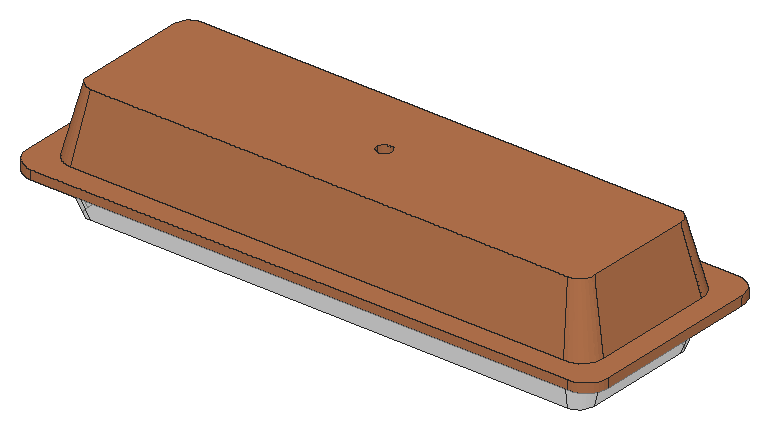
Revit family "E2_Surface Mounted Non-Maintain Emergency", category Lighting Fixtures, Revit 2013
Parameters
  Wattage = 12.1178 W
  built-in parameter 1150110 = 1 (stored number, unit not read)
  built-in parameter 1114217 = 1 (stored number, unit not read)
  Top Dia [instance] = 200 mm
  built-in parameter 1150109 = 1 (stored number, unit not read)
  built-in parameter 1150134 = 3
  built-in parameter 1150113 = 1 (stored number, unit not read)
  Outer Dia [instance] = 200 mm
  Model = "Day-Lite Surface Mounted"
  Manufacturer = "EMERGI-LITE"
  built-in parameter 1150105 = 143.24 (stored number, unit not read)
  Lumens = 1800 lm
  built-in parameter 1150115 = 1 (stored number, unit not read)
  Lt = Whitecroft Lighting_Polycarbonate
  Load Classification = Ltg
  Light Type [instance] = "E2"
  Light Source Symbol Size = 400 mm
  built-in parameter 1150137 = (empty or 0)
  built-in parameter 1150139 = (empty or 0)
  built-in parameter 1150112 = 1 (stored number, unit not read)
  built-in parameter 1150114 = 1 (stored number, unit not read)
  Lamp = "1x8W"
  built-in parameter 1150132 = 2
  built-in parameter 1150102 = (empty or 0)
  built-in parameter 1150107 = 3200 (stored number, unit not read)
  built-in parameter 1150138 = (empty or 0)
  built-in parameter 1150106 = 1.4324 (stored number, unit not read)
  Height = 203.2 mm
  Finish = none
  Emit from Line Length = 300 mm
  built-in parameter 1150104 = 13.8 (stored number, unit not read)
  Dimming Lamp Color Temperature Shift = <None>
  Radius = 50.8 mm
  Color Filter = 16777215
  Bottom Dia [instance] = 199.505 mm
  built-in parameter 1114218 = 1 (stored number, unit not read)
  built-in parameter 1150133 = 10 (stored number, unit not read)
  Assembly Code = ""
  Apparent Load = 8 W
Reference planes
  plane 1 "Light Source Axis (F/B)": y = 0
  plane 2: z = 0
  plane 3 "Light Source Axis (L/R)": x = 3.349
  plane 4 "Light Source Elevation": z = 0
  plane 5 "Bot": z = -79
  plane 6 "Mid": z = -44
  plane 7: z = -50
  plane 8: y = 71
  plane 9: y = -71
  plane 10: y = 56
  plane 11: y = -56
  plane 12: x = -191.651
  plane 13: x = 198.349
  plane 14: x = -176.651
  plane 15: x = 183.349
Forms (mm)
  Extrusion 1, solid, material "Light Body"
    sketch origin (0, 0, -44) x (-1, 0, 0) y (0, -1, 0)
      loop
        line (176.651, 71) -> (-183.349, 71)
        arc (-183.349, 71) -> (-193.956, 66.607) -> (-198.349, 56) r 15
        line (-198.349, 56) -> (-198.349, -56)
        arc (-198.349, -56) -> (-193.956, -66.607) -> (-183.349, -71) r 15
        line (-183.349, -71) -> (176.651, -71)
        arc (176.651, -71) -> (187.258, -66.607) -> (191.651, -56) r 15
        line (191.651, -56) -> (191.651, 56)
        arc (191.651, 56) -> (187.258, 66.607) -> (176.651, 71) r 15
    from 0 to -6
  Blend 2, solid, material "Light Body"
    base sketch origin (0, 0, -44) x (-1, 0, 0) y (0, -1, 0)
      loop
        line (161.651, 56) -> (-168.349, 56)
        arc (-168.349, 56) -> (-178.956, 51.607) -> (-183.349, 41) r 15
        line (-183.349, 41) -> (-183.349, -41)
        arc (-183.349, -41) -> (-178.956, -51.607) -> (-168.349, -56) r 15
        line (-168.349, -56) -> (161.651, -56)
        arc (161.651, -56) -> (172.258, -51.607) -> (176.651, -41) r 15
        line (176.651, -41) -> (176.651, 41)
        arc (176.651, 41) -> (172.258, 51.607) -> (161.651, 56) r 15
    top sketch origin (0, 0, -44) x (-1, 0, 0) y (0, -1, 0)
      loop
        line (156.651, 46) -> (-163.349, 46)
        arc (-163.349, 46) -> (-170.42, 43.071) -> (-173.349, 36) r 10
        line (-173.349, 36) -> (-173.349, -36)
        arc (-173.349, -36) -> (-170.42, -43.071) -> (-163.349, -46) r 10
        line (-163.349, -46) -> (156.651, -46)
        arc (156.651, -46) -> (163.722, -43.071) -> (166.651, -36) r 10
        line (166.651, -36) -> (166.651, 36)
        arc (166.651, 36) -> (163.722, 43.071) -> (156.651, 46) r 10
    from 0 to 44
  Blend 3, solid, material "Whitecroft Lighting_Polycarbonate" <- "Lt"
    base sketch origin (0, 0, -44) x (-1, 0, 0) y (0, -1, 0)
      loop
        arc (156.651, -46) -> (163.722, -43.071) -> (166.651, -36) r 10
        line (166.651, -36) -> (166.651, 36)
        arc (166.651, 36) -> (163.722, 43.071) -> (156.651, 46) r 10
        line (156.651, 46) -> (-163.349, 46)
        arc (-163.349, 46) -> (-170.42, 43.071) -> (-173.349, 36) r 10
        line (-173.349, 36) -> (-173.349, -36)
        arc (-173.349, -36) -> (-170.42, -43.071) -> (-163.349, -46) r 10
        line (-163.349, -46) -> (156.651, -46)
    top sketch origin (0, 0, -44) x (-1, 0, 0) y (0, -1, 0)
      loop
        line (176.651, -41) -> (176.651, 41)
        arc (176.651, 41) -> (172.258, 51.607) -> (161.651, 56) r 15
        line (161.651, 56) -> (-168.349, 56)
        arc (-168.349, 56) -> (-178.956, 51.607) -> (-183.349, 41) r 15
        line (-183.349, 41) -> (-183.349, -41)
        arc (-183.349, -41) -> (-178.956, -51.607) -> (-168.349, -56) r 15
        line (-168.349, -56) -> (161.651, -56)
        arc (161.651, -56) -> (172.258, -51.607) -> (176.651, -41) r 15
    from -35 to -6
  Extrusion 4, void
    sketch origin (0, 0, 0) x (1, 0, 0) y (0, 1, 0)
      loop
        circle (3.349, 0) r 5
    from 0 to -5
Cuts and joins
  Extrusion 4 cuts Blend 2
Dimensions and locks
  plane 5 "Bot" to plane 4 "Light Source Elevation" = 79 mm
  plane 7 to imposter light = 28.85 mm
  plane 6 "Mid" to plane 7 = 6 mm
  level to plane 6 "Mid" = 44 mm
  aligned: plane 3 "Light Source Axis (L/R)" to imposter light
  aligned: plane 4 "Light Source Elevation" to imposter light
Nested families
  nested 1: "EM_E2" at (3.349, 0, 0), type "EM_E2"
Connectors
  electrical at (3.349, 0, 0), driven by "Load Classification"
    settings: on cut or joined group of Blend 2, Extrusion 4, index 1, voltage 230 V, apparent load 0 W, apparent load phase1 8 W, apparent load phase2 0 W, apparent load phase3 0 W, power factor 0.9, load classification "Ltg", number of poles 1, system type 31, power factor state 1, is connector primary yes, connector utility no, sub classification motor no, connector description ""
Definition of nested family "EM_E2"
  Reference planes
    plane 1: y = 0
    plane 2: x = 0
  Lines and regions (mm)
    detail lines, style "Emergency"
      curve 1: line (-3, 1.75, 0) -> (-3, -1.75, 0)
      curve 2: line (-3, 1.75, 0) -> (3, 1.75, 0)
      curve 3: line (3, 1.75, 0) -> (3, -1.75, 0)
      curve 4: line (-3, -1.75, 0) -> (3, -1.75, 0)
  Text (mm)
    text "E2" at (-0.038, 1.914, 0)
